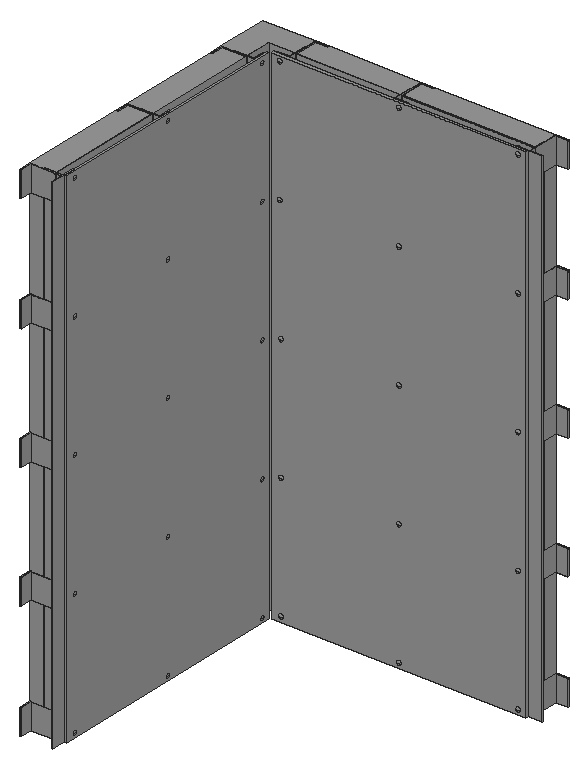
Revit family "Trespa Meteon  T5700_solucion 3", category Generic Models, Revit 2014 (continued)
Forms (mm)
  Revolve 166, solid, material "Carmine Red"
    sketch origin (-517.071, -552.071, 1490) x (0, -1, 0) y (1, 0, 0)
      loop
        line (-35, 12) -> (-35, 10) -> (-27, 10)
        spline (-27, 10) -> (-27.068, 10.261) -> (-27.273, 10.518) -> (-27.609, 10.765) -> (-28.072, 11) -> (-28.653, 11.218) -> (-29.343, 11.414) -> (-30.13, 11.587) -> (-31, 11.732) -> (-31.939, 11.848) -> (-32.929, 11.932) -> (-33.956, 11.983) -> (-35, 12)
      axis (-35, 10) -> (-35, 12)
    angle from 0 to 360
  Revolve 167, solid
    sketch origin (-517.071, -552.071, 1490) x (0, -1, 0) y (1, 0, 0)
      loop
        line (-35, -0.998) -> (-32.5, -0.998) -> (-32.5, 10) -> (-35, 10) -> (-35, -0.998)
      axis (-35, -0.998) -> (-35, 10)
    angle from 0 to 360
  Revolve 168, solid
    sketch origin (-517.071, -552.071, 1490) x (0, -1, 0) y (1, 0, 0)
      loop
        arc (-34.996, -9.905) -> (-31.601, -7.929) -> (-31.642, -4) r 3.905
        line (-31.642, -4) -> (-34.996, -4) -> (-34.996, -9.905)
      axis (-34.996, -9.905) -> (-34.996, -4)
    angle from 0 to 360
  Revolve 169, solid, material "Carmine Red"
    sketch origin (-517.071, -552.071, 1980) x (0, -1, 0) y (1, 0, 0)
      loop
        line (-35, 12) -> (-35, 10) -> (-27, 10)
        spline (-27, 10) -> (-27.068, 10.261) -> (-27.273, 10.518) -> (-27.609, 10.765) -> (-28.072, 11) -> (-28.653, 11.218) -> (-29.343, 11.414) -> (-30.13, 11.587) -> (-31, 11.732) -> (-31.939, 11.848) -> (-32.929, 11.932) -> (-33.956, 11.983) -> (-35, 12)
      axis (-35, 10) -> (-35, 12)
    angle from 0 to 360
  Revolve 170, solid
    sketch origin (-517.071, -552.071, 1980) x (0, -1, 0) y (1, 0, 0)
      loop
        line (-35, -0.998) -> (-32.5, -0.998) -> (-32.5, 10) -> (-35, 10) -> (-35, -0.998)
      axis (-35, -0.998) -> (-35, 10)
    angle from 0 to 360
  Revolve 171, solid
    sketch origin (-517.071, -552.071, 1980) x (0, -1, 0) y (1, 0, 0)
      loop
        arc (-34.996, -9.905) -> (-31.601, -7.929) -> (-31.642, -4) r 3.905
        line (-31.642, -4) -> (-34.996, -4) -> (-34.996, -9.905)
      axis (-34.996, -9.905) -> (-34.996, -4)
    angle from 0 to 360
Lines and regions (mm)
  model lines
    curve 1: line (-641.071, -127.6, 0) -> (-644.061, -127.6, 0)
    curve 2: line (-644.061, -127.6, 0) -> (-644.061, -77.6, 0)
Dimensions and locks
  aligned and locked: level to plane 2
